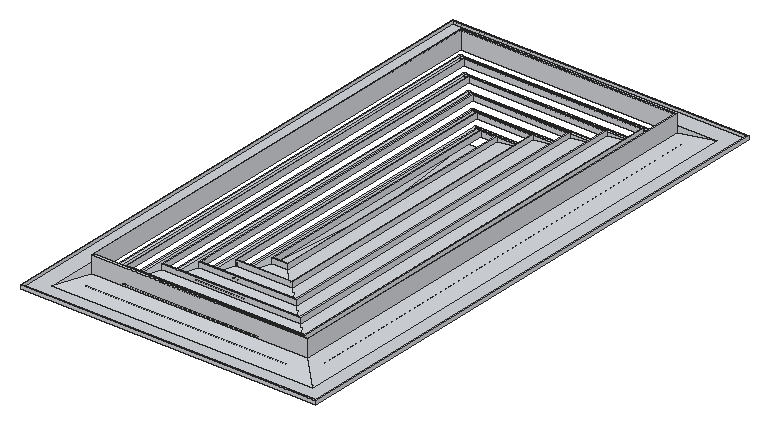
Revit family "SFRA-T", category Air Terminals, Revit 2012
Parameters (values of type "SFR-T-16-34")
  URL = "http://www.innes.com.mx"
  Mínima velocidad de cuello = 0 FPM
  Mínima presión estática = 0.00 in-wg
  Máximo nivel de ruido (NC) = ""
  Máxima velocidad de cuello = 0 FPM
  Máxima presión estática = 0.00 in-wg
  Material = ""
  Manufacturer = "INNES"
  Cuello A = 16"
  Cuello B = 34"
  Cuello = ""
  Central = 3 5/32"
  B plato = Cuello B + 5 13/16"  # 39 13/16"
  B cuello = Cuello B - 1/16"  # 33 15/16"
  A plato = Cuello A + 5 13/16"  # 21 13/16"
  A cuello = Cuello A - 1/16"  # 15 15/16"
Types (3): name | Cuello A | Cuello B | B plato | B cuello | A plato | A cuello
  (no name) | 16" | 34" | 39 13/16" | 33 15/16" | 21 13/16" | 15 15/16"
  SFRA-T-18-36 | 18" | 36" | 41 13/16" | 35 15/16" | 23 13/16" | 17 15/16"
  SFR-T-16-34 | 16" | 34" | 39 13/16" | 33 15/16" | 21 13/16" | 15 15/16"
Reference planes (in)
  plane 1 "Center (Front/Back)": y = 0
  plane 2: z = 0
  plane 3 "Center (Left/Right)": x = 0
  plane 4: x = 7.96875
  plane 5: x = -7.96875
  plane 6: y = 16.96875
  plane 7: y = -16.96875
  plane 8: x = -10.90625
  plane 9: x = 10.90625
  plane 10: y = 19.90625
  plane 11: y = -19.90625
  plane 12: z = 2
  plane 13: z = 0.25
  plane 14: z = 0.75
  plane 15: y = 16.90625
  plane 16: z = -0.125
  plane 17: y = 15.53125
  plane 18: y = -15.53125
  plane 19: x = -6.53125
  plane 20: x = 6.53125
  plane 21: z = 1.125
  plane 22: x = -5.03125
  plane 23: x = 5.03125
  plane 24: y = 14.03125
  plane 25: y = -14.03125
  plane 26: x = -3.53125
  plane 27: x = 3.53125
  plane 28: y = 12.53125
  plane 29: y = -12.53125
  plane 30: y = 11.0436
  plane 31: y = -11.03125
  plane 32: x = 2.03125
  plane 33: x = -2.03125
  plane 34: y = 9.5436
  plane 35: y = -9.53125
  plane 36: x = -0.53125
  plane 37: x = 0.53125
  plane 38: y = 9.5436
  plane 39: y = -9.53125
  plane 40: x = -1.57812
  plane 41: x = 1.57813
  plane 42: z = 0.20307
Forms (in)
  Sweep 1, solid
    path origin (0, 0, 0) x (1, 0, 0) y (0, 1, 0)
      loop
        line (-7.96875, 16.96875) -> (-7.96875, -16.96875) -> (7.96875, -16.96875) -> (7.96875, 16.96875) -> (-7.96875, 16.96875)
    profile origin (0, 16.96875, 0) x (0, 1, 0) y (0, 0, 1)
      loop
        line (2.9375, 0) -> (2.9375, 0.25) -> (2.87645, 0.25) -> (2.87645, 0.0635) -> (1.65691, 0.0635) -> (0, 0.73909) -> (0, 2) -> (-0.0625, 2) -> (-0.0625, 0.6875) -> (1.62307, 0) -> (2.9375, 0)
  Sweep 2, solid
    path origin (0, 0, 0) x (1, 0, 0) y (0, 1, 0)
      loop
        line (-6.53125, 15.53125) -> (-6.53125, -15.53125) -> (6.53125, -15.53125) -> (6.53125, 15.53125) -> (-6.53125, 15.53125)
    profile origin (0, 15.53125, 0) x (0, 1, 0) y (0, 0, 1)
      loop
        line (0, 1.125) -> (0, 0.71929) -> (1.62763, -0.07818) -> (1.66008, -0.07818)
        arc (1.66008, -0.07818) -> (1.70451, 0.06869) -> (1.56095, 0.12286) r 0.11233
        line (1.56095, 0.12286) -> (1.49466, 0.05657) -> (0.06346, 0.7578) -> (0.06346, 1.125) -> (0, 1.125)
  Sweep 3, solid
    path origin (0, 0, 0) x (1, 0, 0) y (0, 1, 0)
      loop
        line (-5.03125, 14.03125) -> (-5.03125, -14.03125) -> (5.03125, -14.03125) -> (5.03125, 14.03125) -> (-5.03125, 14.03125)
    profile origin (0, 14.03125, 0) x (0, 1, 0) y (0, 0, 1)
      loop
        line (0.06346, 1.125) -> (0, 1.125) -> (0, 0.71929) -> (1.62763, -0.07818) -> (1.66008, -0.07818)
        arc (1.66008, -0.07818) -> (1.70451, 0.06869) -> (1.56095, 0.12286) r 0.11233
        line (1.56095, 0.12286) -> (1.49466, 0.05657) -> (0.06346, 0.7578) -> (0.06346, 1.125)
  Sweep 4, solid
    path origin (0, 0, 0) x (1, 0, 0) y (0, 1, 0)
      loop
        line (-3.53125, 12.53125) -> (-3.53125, -12.53125) -> (3.53125, -12.53125) -> (3.53125, 12.53125) -> (-3.53125, 12.53125)
    profile origin (0, 12.53125, 0) x (0, 1, 0) y (0, 0, 1)
      loop
        line (0.06346, 1.125) -> (0, 1.125) -> (0, 0.71929) -> (1.62763, -0.07818) -> (1.66008, -0.07818)
        arc (1.66008, -0.07818) -> (1.70451, 0.06869) -> (1.56095, 0.12286) r 0.11233
        line (1.56095, 0.12286) -> (1.49466, 0.05657) -> (0.06346, 0.7578) -> (0.06346, 1.125)
  Sweep 5, solid
    path origin (0, 0, 0) x (1, 0, 0) y (0, 1, 0)
      loop
        line (-2.03125, 11.0436) -> (-2.03125, -11.03125) -> (2.03125, -11.03125) -> (2.03125, 11.0436) -> (-2.03125, 11.0436)
    profile origin (0, 11.0436, 0) x (0, 1, 0) y (0, 0, 1)
      loop
        line (0.06346, 1.125) -> (0, 1.125) -> (0, 0.71929) -> (1.62763, -0.07818) -> (1.66008, -0.07818)
        arc (1.66008, -0.07818) -> (1.70451, 0.06869) -> (1.56095, 0.12286) r 0.11233
        line (1.56095, 0.12286) -> (1.49466, 0.05657) -> (0.06346, 0.7578) -> (0.06346, 1.125)
  Sweep 6, solid
    path origin (0, 0, 0) x (1, 0, 0) y (0, 1, 0)
      loop
        line (-0.53125, 9.5436) -> (-0.53125, -9.53125) -> (0.53125, -9.53125) -> (0.53125, 9.5436) -> (-0.53125, 9.5436)
    profile origin (0, 9.5436, 0) x (0, 1, 0) y (0, 0, 1)
      loop
        line (0, 1.125) -> (0, 0.71929) -> (1.62763, -0.07818) -> (1.66008, -0.07818)
        arc (1.66008, -0.07818) -> (1.70451, 0.06869) -> (1.56095, 0.12286) r 0.11233
        line (1.56095, 0.12286) -> (1.49466, 0.05657) -> (0.06346, 0.7578) -> (0.06346, 1.125) -> (0, 1.125)
  Blend 7, solid
    base sketch origin (0, 0, 0) x (1, 0, 0) y (0, 1, 0)
      loop
        line (-1.57812, 9.5436) -> (-1.57812, -9.53125) -> (1.57813, -9.53125) -> (1.57813, 9.5436) -> (-1.57812, 9.5436)
    top sketch origin (0, 0, 0) x (1, 0, 0) y (0, 1, 0)
      loop
        line (-0.26371, 0.26371) -> (-0.26371, -0.26371) -> (0.26371, -0.26371) -> (0.26371, 0.26371) -> (-0.26371, 0.26371)
    from -0.07818 to 0.20307
  Blend 8, void
    base sketch origin (0, 0, 0) x (1, 0, 0) y (0, 1, 0)
      loop
        line (-0.53125, 9.5436) -> (-0.53125, -9.53125) -> (0.53125, -9.53125) -> (0.53125, 9.5436) -> (-0.53125, 9.5436)
    top sketch origin (0, 0, 0) x (1, 0, 0) y (0, 1, 0)
      loop
        line (-0.26371, 0.26371) -> (-0.26371, -0.26371) -> (0.26371, -0.26371) -> (0.26371, 0.26371) -> (-0.26371, 0.26371)
    from -0.07818 to 0.15474
Cuts and joins
  Blend 8 cuts Blend 7
Lines and regions (in)
  model lines
    curve 1: line (-0.26371, 0.26371, 0) -> (0.26371, 0.26371, 0)
    curve 2: line (0.26371, 0.26371, 0) -> (0.26371, -0.26371, 0)
    curve 3: line (0.26371, -0.26371, 0) -> (-0.26371, -0.26371, 0)
    curve 4: line (-0.26371, -0.26371, 0) -> (-0.26371, 0.26371, 0)
Dimensions and locks (in)
  equal spacing: plane 5, plane 3 "Center (Left/Right)", plane 4
  "A cuello": plane 5 to plane 4
  equal spacing: plane 6, plane 1 "Center (Front/Back)", plane 7
  "B cuello": plane 6 to plane 7
  equal spacing: plane 10, plane 1 "Center (Front/Back)", plane 11
  "B plato": plane 10 to plane 11
  equal spacing: plane 8, plane 3 "Center (Left/Right)", plane 9
  "A plato": plane 8 to plane 9
  locked: plane 12 to level at 2
  locked: plane 13 to level at 0.25
  locked: plane 14 to level at 0.75
  locked: plane 6 to plane 15 at 0.0625
  level to plane 16 = 1/8"
  locked: plane 6 to plane 17 at 1.4375
  locked: plane 18 to plane 7 at 1.4375
  locked: plane 5 to plane 19 at 1.4375
  locked: plane 20 to plane 4 at 1.4375
  plane 21 to plane 16 = 1 1/4"
  locked: plane 19 to plane 22 at 1.5
  locked: plane 23 to plane 20 at 1.5
  locked: plane 17 to plane 24 at 1.5
  locked: plane 25 to plane 18 at 1.5
  locked: plane 24 to plane 28 at 1.5
  locked: plane 29 to plane 25 at 1.5
  locked: plane 22 to plane 26 at 1.5
  locked: plane 27 to plane 23 at 1.5
  locked: plane 26 to plane 33 at 1.5
  locked: plane 32 to plane 27 at 1.5
  locked: plane 28 to plane 30 at 1.48765
  locked: plane 31 to plane 29 at 1.5
  locked: plane 30 to plane 34 at 1.5
  locked: plane 35 to plane 31 at 1.5
  locked: plane 37 to plane 32 at 1.5
  locked: plane 33 to plane 36 at 1.5
  plane 3 "Center (Left/Right)" to plane 37 = 17/32"
  plane 36 to plane 3 "Center (Left/Right)" = 17/32"
  equal spacing: plane 40, plane 3 "Center (Left/Right)", plane 41
  "Central": plane 40 to plane 41
  locked: Sweep 2 to plane 42 at 0.28125
  locked: plane 39 to plane 35 at 0
  locked: plane 34 to plane 38 at 0
  aligned and locked: plane 2 to level
  aligned and locked: Sweep 1 sketch curve to plane 6
  aligned and locked: plane 5 to Sweep 1 sketch curve
  aligned and locked: plane 7 to Sweep 1 sketch curve
  aligned and locked: Sweep 1 sketch curve to plane 4
  aligned and locked: Sweep 1 sketch curve to plane 13
  aligned and locked: Sweep 1 sketch curve to plane 10
  aligned and locked: Sweep 1 sketch curve to level
  aligned and locked: Sweep 1 sketch curve to plane 15
  aligned and locked: plane 6 to Sweep 1 sketch curve
  aligned and locked: plane 12 to Sweep 1 sketch curve
  aligned and locked: Sweep 2 sketch curve to plane 17
  aligned and locked: Sweep 2 sketch curve to plane 19
  aligned and locked: plane 18 to Sweep 2 sketch curve
  aligned and locked: Sweep 2 sketch curve to plane 20
  aligned and locked: plane 21 to Sweep 2 sketch curve
  aligned and locked: plane 17 to Sweep 2 sketch curve
  aligned and locked: Sweep 3 sketch curve to plane 24
  aligned and locked: Sweep 3 sketch curve to plane 22
  aligned and locked: plane 25 to Sweep 3 sketch curve
  aligned and locked: Sweep 3 sketch curve to plane 23
  aligned and locked: plane 24 to Sweep 3 sketch curve
  aligned and locked: Sweep 4 sketch curve to plane 28
  aligned and locked: plane 26 to Sweep 4 sketch curve
  aligned and locked: plane 29 to Sweep 4 sketch curve
  aligned and locked: Sweep 4 sketch curve to plane 27
  aligned and locked: plane 28 to Sweep 4 sketch curve
  aligned and locked: Sweep 5 sketch curve to plane 30
  aligned and locked: plane 33 to Sweep 5 sketch curve
  aligned and locked: plane 31 to Sweep 5 sketch curve
  aligned and locked: Sweep 5 sketch curve to plane 32
  aligned and locked: plane 30 to Sweep 5 sketch curve
  aligned and locked: Sweep 6 sketch curve to plane 34
  aligned and locked: plane 36 to Sweep 6 sketch curve
  aligned and locked: plane 35 to Sweep 6 sketch curve
  aligned and locked: Sweep 6 sketch curve to plane 37
  aligned and locked: plane 34 to Sweep 6 sketch curve
  aligned and locked: Blend 7 sketch curve to plane 38
  aligned and locked: plane 39 to Blend 7 sketch curve
  aligned and locked: Blend 7 sketch curve to plane 41
  aligned and locked: Blend 7 sketch curve to curve 1
  aligned and locked: Blend 7 sketch curve to curve 4
  aligned and locked: Blend 7 sketch curve to curve 3
  aligned and locked: Blend 7 sketch curve to curve 2
  aligned and locked: Sweep 2 to Blend 7
  aligned and locked: plane 42 to Blend 7
  aligned and locked: Blend 8 sketch curve to Sweep 6  (x4)
  aligned and locked: Blend 8 sketch curve to curve 1
  aligned and locked: Blend 8 sketch curve to curve 4
  aligned and locked: Blend 8 sketch curve to curve 3
  aligned and locked: Blend 8 sketch curve to curve 2
  aligned and locked: Sweep 2 to Blend 8
Automatic sketch dimensions
  Sweep 1 sketch curve to plane 14 = 0.01091"
  Sweep 1 sketch curve to Sweep 1 sketch curve = 0.03384"
  level to Sweep 1 sketch curve = 0.0635"
  Sweep 1 sketch curve to Sweep 1 sketch curve = 1.21954"
  Sweep 1 sketch curve to Sweep 1 sketch curve = 0.06105"
  Sweep 1 sketch curve to plane 14 = 1/16"
  Sweep 2 sketch curve to profile plane = 0.06346"
  level to Sweep 2 sketch curve = 0.05657"
  Sweep 2 sketch curve to profile plane = 1.49466"
  Sweep 2 sketch curve to Sweep 2 sketch curve = 0.06629"
  level to Sweep 2 sketch curve = 0.01901"
  Sweep 2 sketch curve to Sweep 2 sketch curve = 0.04281"
  Sweep 2 sketch curve to level = 0.07818"
  Sweep 2 sketch curve to Sweep 2 sketch curve = 0.02387"
  Sweep 2 sketch curve to Sweep 2 sketch curve = 0.03245"
  Sweep 2 sketch curve to plane 21 = 0.40571"
  Sweep 2 sketch curve to Sweep 2 sketch curve = 0.0385"
  Sweep 3 sketch curve to Sweep 3 sketch curve = 0.06346"
  level to Sweep 3 sketch curve = 0.05657"
  Sweep 3 sketch curve to Sweep 3 sketch curve = 1.43119"
  Sweep 3 sketch curve to Sweep 3 sketch curve = 0.06629"
  level to Sweep 3 sketch curve = 0.01901"
  Sweep 3 sketch curve to Sweep 3 sketch curve = 0.04281"
  Sweep 3 sketch curve to Sweep 3 sketch curve = 0.02387"
  Sweep 3 sketch curve to Sweep 3 sketch curve = 0.03245"
  Sweep 3 sketch curve to level = 0.07818"
  level to Sweep 3 sketch curve = 0.71929"
  Sweep 3 sketch curve to Sweep 3 sketch curve = 0.0385"
  Sweep 3 sketch curve to Sweep 3 sketch curve = 47/128"
  Sweep 4 sketch curve to Sweep 4 sketch curve = 0.06346"
  level to Sweep 4 sketch curve = 0.05657"
  Sweep 4 sketch curve to Sweep 4 sketch curve = 1.43119"
  Sweep 4 sketch curve to Sweep 4 sketch curve = 0.06629"
  level to Sweep 4 sketch curve = 0.01901"
  Sweep 4 sketch curve to Sweep 4 sketch curve = 0.04281"
  Sweep 4 sketch curve to level = 0.07818"
  Sweep 4 sketch curve to Sweep 4 sketch curve = 0.02387"
  Sweep 4 sketch curve to Sweep 4 sketch curve = 0.03245"
  level to Sweep 4 sketch curve = 0.71929"
  Sweep 4 sketch curve to Sweep 4 sketch curve = 0.0385"
  Sweep 4 sketch curve to Sweep 4 sketch curve = 47/128"
  Sweep 5 sketch curve to Sweep 5 sketch curve = 0.06346"
  level to Sweep 5 sketch curve = 0.05657"
  Sweep 5 sketch curve to Sweep 5 sketch curve = 1.43119"
  Sweep 5 sketch curve to Sweep 5 sketch curve = 0.06629"
  level to Sweep 5 sketch curve = 0.01901"
  Sweep 5 sketch curve to Sweep 5 sketch curve = 0.04281"
  Sweep 5 sketch curve to level = 0.07818"
  Sweep 5 sketch curve to Sweep 5 sketch curve = 0.02387"
  Sweep 5 sketch curve to Sweep 5 sketch curve = 0.03245"
  level to Sweep 5 sketch curve = 0.71929"
  Sweep 5 sketch curve to Sweep 5 sketch curve = 0.0385"
  Sweep 5 sketch curve to Sweep 5 sketch curve = 47/128"
  level to Sweep 6 sketch curve = 97/128"
  Sweep 6 sketch curve to Sweep 6 sketch curve = 0.06346"
  level to Sweep 6 sketch curve = 0.05657"
  Sweep 6 sketch curve to Sweep 6 sketch curve = 1.43119"
  Sweep 6 sketch curve to Sweep 6 sketch curve = 0.06629"
  level to Sweep 6 sketch curve = 0.01901"
  Sweep 6 sketch curve to Sweep 6 sketch curve = 0.04281"
  Sweep 6 sketch curve to Sweep 6 sketch curve = 0.02387"
  Sweep 6 sketch curve to Sweep 6 sketch curve = 0.03245"
  Sweep 6 sketch curve to level = 0.07818"
  Sweep 6 sketch curve to Sweep 6 sketch curve = 0.0385"
  Sweep 6 sketch curve to Sweep 6 sketch curve = 47/128"
  curve 4 to plane 3 "Center (Left/Right)" = 0.26371"
  plane 3 "Center (Left/Right)" to curve 3 = 0.26371"
  plane 1 "Center (Front/Back)" to curve 3 = 0.26371"
  curve 2 to plane 1 "Center (Front/Back)" = 0.26371"
  Blend 7 sketch curve to plane 40 = 0"
Connectors (in)
  hvac at (0, 0, 0.0635), driven by "Cuello B", driven by "A cuello"
    settings: on Sweep 1, index 1, duct flow 0 CFM, flow factor 0, pres drop 0.00 in-wg, loss coef 0, conn angle 0.00°, conn width 15 15/16", conn height 34", conn radius 12", duct sys type 1, conn prof type 1, flow config 0, flow direction 0, loss method 0, conn ref index -1, conn util no, is conn primary yes, conn desc ""
